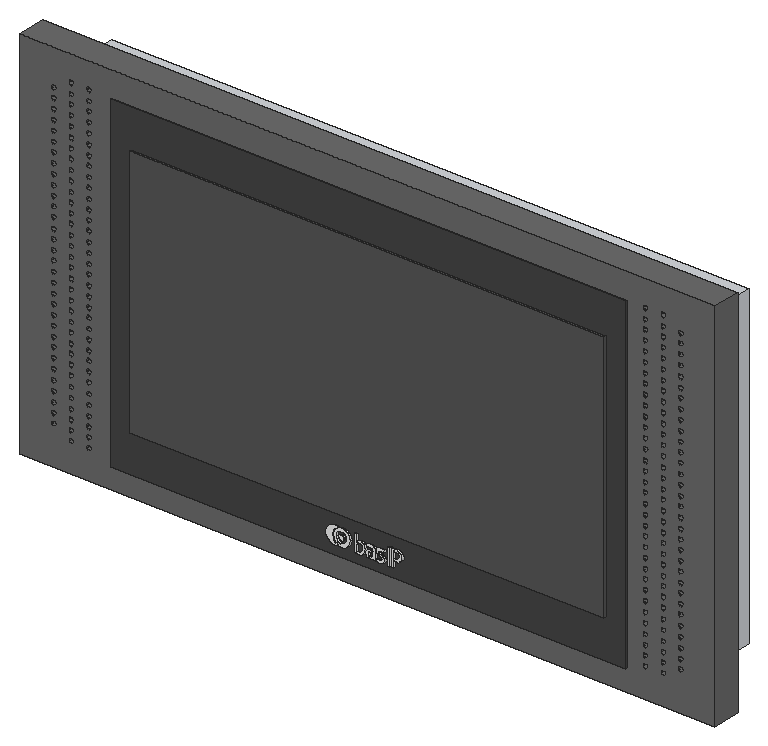
Revit family "BAS-IP_Видеодомофон_AT-07L", category Устройства связи, Revit 2019
Family settings
  Сохранять ориентацию аннотаций = Нет
  Размер круглого соединителя = Использовать диаметр
  Тип детали = Нормальный
  На основе рабочей плоскости = Нет
  Всегда вертикально = Да
  При загрузке вырезать с полостями = Нет
  Общий = Нет
  Точка расчета площади = Нет
Parameters (values of type "Черный")
  Цветовое решение = "Черный"
  Цвет логотипа = White
  Цвет = Black silver 2
  УГО_Смещение_Y [instance] = 0 mm
  УГО_Смещение_X [instance] = 0 mm
  Тип установки = "Настенный накладной, врезной (кронштейны в комплекте)"
  Зона обслуживания [instance] = no
  Дисплей = "7” IPS LCD, сенсорный емкостный"
  Встроенная камера = "Нет"
  Габаритные размеры = "236 x 128 x 26,5 мм"
  Питание = "PoE, +12 В"
  Потребление питания = "6 Вт, в режиме ожидания - 2,5 Вт"
  Изготовитель = "BAS-IP"  # constant formula
  Разрешение экрана = "1024 x 600"
  Корпус = "Алюминий"
  ADSK_Размер_Смещение от уровня [instance] = 1000 mm
  ADSK_Примечание [instance] = ""
  ADSK_Позиция [instance] = ""
  ADSK_Наименование = "IP видеодомофон"
  ADSK_Материал = Black silver
  ADSK_Марка = "AT-07L Black"
  ADSK_Количество = 1  # constant formula
  ADSK_Код изделия = ""
  ADSK_Завод-изготовитель = "BAS-IP"  # constant formula
  ADSK_Единица измерения = "шт."  # constant formula
Types (2, lengths in mm): name | Цветовое решение | Цвет логотипа | Цвет | ADSK_Материал | ADSK_Марка
  Белый | "Белый" | Black | White | Silver | "AT-07L White"
  Черный | "Черный" | White | Black silver 2 | Black silver | "AT-07L Black"
Reference planes
  plane 1 "По центру (Вперед/Назад)": y = 0
  plane 2: z = 0
  plane 3 "По центру (Влево/Вправо)": x = 0
  plane 4: x = 94.477
  plane 5: z = 1000
  plane 6: x = 94.477
  plane 7: z = 0
  plane 8: x = 0
  plane 9: y = 0
Forms (mm)
  Extrusion 1, solid, detail levels medium+fine
    sketch origin (0, 0, 1000) x (1, 0, 0) y (0, 0, 1)
      loop
        line (-108, 118) -> (-108, 10) -> (108.034, 10) -> (108.034, 118) -> (-108, 118)
    from -17 to 0
  Extrusion 2, solid, material "Black silver" <- "ADSK_Материал", detail levels medium+fine
    sketch origin (0, 0.5, 1000) x (1, 0, 0) y (0, 0, 1)
      loop
        line (-118, 128) -> (-118, 0) -> (118, 0) -> (118, 128) -> (-118, 128)
    from 0.5 to 10
  Extrusion 3, void, detail levels fine
    sketch origin (0, 0, 1000) x (1, 0, 0) y (0, 0, 1)
      loop
        circle (-106.465, 115.719) r 0.8
      loop
        circle (-106.465, 112.569) r 0.8
      loop
        circle (-106.465, 109.212) r 0.8
      loop
        circle (-106.465, 105.856) r 0.8
      loop
        circle (-106.465, 102.5) r 0.8
      loop
        circle (-106.465, 99.144) r 0.8
      loop
        circle (-106.465, 96.014) r 0.8
      loop
        circle (-106.465, 92.611) r 0.8
      loop
        circle (-106.465, 89.321) r 0.8
      loop
        circle (-106.465, 85.919) r 0.8
      loop
        circle (-106.465, 82.667) r 0.8
      loop
        circle (-106.465, 79.453) r 0.8
      loop
        circle (-106.465, 76.277) r 0.8
      loop
        circle (-106.465, 72.723) r 0.8
      loop
        circle (-106.465, 69.509) r 0.8
      loop
        circle (-106.465, 66.144) r 0.8
      loop
        circle (-106.465, 63.006) r 0.8
      loop
        circle (-106.465, 59.603) r 0.8
      loop
        circle (-106.465, 56.238) r 0.8
      loop
        circle (-106.465, 52.911) r 0.8
      loop
        circle (-106.465, 49.773) r 0.8
      loop
        circle (-106.465, 46.408) r 0.8
      loop
        circle (-106.465, 43.179) r 0.8
      loop
        circle (-106.465, 39.785) r 0.8
      loop
        circle (-106.465, 36.694) r 0.8
      loop
        circle (-106.465, 33.408) r 0.8
      loop
        circle (-106.465, 30.101) r 0.8
      loop
        circle (-106.465, 26.62) r 0.8
      loop
        circle (-106.465, 23.291) r 0.8
      loop
        circle (-106.465, 19.897) r 0.8
      loop
        circle (-106.465, 16.655) r 0.8
      loop
        circle (-106.465, 13.459) r 0.8
      loop
        circle (-100.559, 115.719) r 0.8
      loop
        circle (-100.559, 112.569) r 0.8
      loop
        circle (-100.559, 109.212) r 0.8
      loop
        circle (-100.559, 105.856) r 0.8
      loop
        circle (-100.559, 102.5) r 0.8
      loop
        circle (-100.559, 99.144) r 0.8
      loop
        circle (-100.559, 96.014) r 0.8
      loop
        circle (-100.559, 92.611) r 0.8
      loop
        circle (-100.559, 89.321) r 0.8
      loop
        circle (-100.559, 85.919) r 0.8
      loop
        circle (-100.559, 82.667) r 0.8
      loop
        circle (-100.559, 79.453) r 0.8
      loop
        circle (-100.559, 76.277) r 0.8
      loop
        circle (-100.559, 72.723) r 0.8
      loop
        circle (-100.559, 69.509) r 0.8
      loop
        circle (-100.559, 66.144) r 0.8
      loop
        circle (-100.559, 63.006) r 0.8
      loop
        circle (-100.559, 59.603) r 0.8
      loop
        circle (-100.559, 56.238) r 0.8
      loop
        circle (-100.559, 52.911) r 0.8
      loop
        circle (-100.559, 49.773) r 0.8
      loop
        circle (-100.559, 46.408) r 0.8
      loop
        circle (-100.559, 43.179) r 0.8
      loop
        circle (-100.559, 39.785) r 0.8
      loop
        circle (-100.559, 36.694) r 0.8
      loop
        circle (-100.559, 33.408) r 0.8
      loop
        circle (-100.559, 30.101) r 0.8
      loop
        circle (-100.559, 26.62) r 0.8
      loop
        circle (-100.559, 23.291) r 0.8
      loop
        circle (-100.559, 19.897) r 0.8
      loop
        circle (-100.559, 16.655) r 0.8
      loop
        circle (-100.559, 13.459) r 0.8
      loop
        circle (-94.477, 115.719) r 0.8
      loop
        circle (-94.477, 112.569) r 0.8
      loop
        circle (-94.477, 109.212) r 0.8
      loop
        circle (-94.477, 105.856) r 0.8
      loop
        circle (-94.477, 102.5) r 0.8
      loop
        circle (-94.477, 99.144) r 0.8
      loop
        circle (-94.477, 96.014) r 0.8
      loop
        circle (-94.477, 92.611) r 0.8
      loop
        circle (-94.477, 89.321) r 0.8
      loop
        circle (-94.477, 85.919) r 0.8
      loop
        circle (-94.477, 82.667) r 0.8
      loop
        circle (-94.477, 79.453) r 0.8
      loop
        circle (-94.477, 76.277) r 0.8
      loop
        circle (-94.477, 72.723) r 0.8
      loop
        circle (-94.477, 69.509) r 0.8
      loop
        circle (-94.477, 66.144) r 0.8
      loop
        circle (-94.477, 63.006) r 0.8
      loop
        circle (-94.477, 59.603) r 0.8
      loop
        circle (-94.477, 56.238) r 0.8
      loop
        circle (-94.477, 52.911) r 0.8
      loop
        circle (-94.477, 49.773) r 0.8
      loop
        circle (-94.477, 46.408) r 0.8
      loop
        circle (-94.477, 43.179) r 0.8
      loop
        circle (-94.477, 39.785) r 0.8
      loop
        circle (-94.477, 36.694) r 0.8
      loop
        circle (-94.477, 33.408) r 0.8
      loop
        circle (-94.477, 30.101) r 0.8
      loop
        circle (-94.477, 26.62) r 0.8
      loop
        circle (-94.477, 19.897) r 0.8
      loop
        circle (-94.477, 16.655) r 0.8
      loop
        circle (-94.477, 13.459) r 0.8
      loop
        circle (-100.559, 119.2) r 0.8
      loop
        circle (-94.477, 119.2) r 0.8
      loop
        circle (-100.559, 10.212) r 0.8
      loop
        circle (-94.477, 10.212) r 0.8
      loop
        circle (106.465, 115.719) r 0.8
      loop
        circle (106.465, 112.569) r 0.8
      loop
        circle (106.465, 109.212) r 0.8
      loop
        circle (106.465, 105.856) r 0.8
      loop
        circle (106.465, 102.5) r 0.8
      loop
        circle (106.465, 99.144) r 0.8
      loop
        circle (106.465, 96.014) r 0.8
      loop
        circle (106.465, 92.611) r 0.8
      loop
        circle (106.465, 89.321) r 0.8
      loop
        circle (106.465, 85.919) r 0.8
      loop
        circle (106.465, 82.667) r 0.8
      loop
        circle (106.465, 79.453) r 0.8
      loop
        circle (106.465, 76.277) r 0.8
      loop
        circle (106.465, 72.723) r 0.8
      loop
        circle (106.465, 69.509) r 0.8
      loop
        circle (106.465, 66.144) r 0.8
      loop
        circle (106.465, 63.006) r 0.8
      loop
        circle (106.465, 59.603) r 0.8
      loop
        circle (106.465, 56.238) r 0.8
      loop
        circle (106.465, 52.911) r 0.8
      loop
        circle (106.465, 49.773) r 0.8
      loop
        circle (106.465, 46.408) r 0.8
      loop
        circle (106.465, 43.179) r 0.8
      loop
        circle (106.465, 39.785) r 0.8
      loop
        circle (106.465, 36.694) r 0.8
      loop
        circle (106.465, 33.408) r 0.8
      loop
        circle (106.465, 30.101) r 0.8
      loop
        circle (106.465, 26.62) r 0.8
      loop
        circle (106.465, 23.291) r 0.8
      loop
        circle (106.465, 19.897) r 0.8
      loop
        circle (106.465, 16.655) r 0.8
      loop
        circle (106.465, 13.459) r 0.8
      loop
        circle (100.559, 115.719) r 0.8
      loop
        circle (100.559, 112.569) r 0.8
      loop
        circle (100.559, 76.277) r 0.8
      loop
        circle (100.559, 72.723) r 0.8
      loop
        circle (100.559, 69.509) r 0.8
      loop
        circle (100.559, 66.144) r 0.8
      loop
        circle (100.559, 63.006) r 0.8
      loop
        circle (100.559, 59.603) r 0.8
      loop
        circle (100.559, 56.238) r 0.8
      loop
        circle (100.559, 52.911) r 0.8
      loop
        circle (100.559, 49.773) r 0.8
      loop
        circle (100.559, 46.408) r 0.8
      loop
        circle (100.559, 43.179) r 0.8
      loop
        circle (100.559, 39.785) r 0.8
      loop
        circle (100.559, 36.694) r 0.8
      loop
        circle (100.559, 33.408) r 0.8
      loop
        circle (100.559, 30.101) r 0.8
      loop
        circle (100.559, 26.62) r 0.8
      loop
        circle (100.559, 23.291) r 0.8
      loop
        circle (100.559, 19.897) r 0.8
      loop
        circle (100.559, 16.655) r 0.8
      loop
        circle (100.559, 13.459) r 0.8
      loop
        circle (94.477, 115.719) r 0.8
      loop
        circle (94.477, 112.569) r 0.8
      loop
        circle (94.477, 76.277) r 0.8
      loop
        circle (94.477, 72.723) r 0.8
      loop
        circle (94.477, 69.509) r 0.8
      loop
        circle (94.477, 66.144) r 0.8
      loop
        circle (94.477, 63.006) r 0.8
      loop
        circle (94.477, 59.603) r 0.8
      loop
        circle (94.477, 56.238) r 0.8
      loop
        circle (94.477, 52.911) r 0.8
      loop
        circle (94.477, 49.773) r 0.8
      loop
        circle (94.477, 46.408) r 0.8
      loop
        circle (94.477, 43.179) r 0.8
      loop
        circle (94.477, 39.785) r 0.8
      loop
        circle (94.477, 36.694) r 0.8
      loop
        circle (94.477, 33.408) r 0.8
      loop
        circle (94.477, 30.101) r 0.8
      loop
        circle (94.477, 26.62) r 0.8
      loop
        circle (94.477, 19.897) r 0.8
      loop
        circle (94.477, 16.655) r 0.8
      loop
        circle (94.477, 13.459) r 0.8
      loop
        circle (100.559, 119.2) r 0.8
      loop
        circle (94.477, 119.2) r 0.8
      loop
        circle (100.559, 10.212) r 0.8
      loop
        circle (94.477, 10.212) r 0.8
      loop
        circle (94.477, 23.291) r 0.8
    from 5.977 to 9.5
  Extrusion 4, void, detail levels fine
    sketch origin (0, 0, 1000) x (1, 0, 0) y (0, 0, 1)
      loop
        circle (-94.482, 23.291) r 0.8
    from 0 to 10.5
  Extrusion 5, void, detail levels fine
    sketch origin (0, 0, 1000) x (1, 0, 0) y (0, 0, 1)
      loop
        circle (100.559, 109.337) r 0.8
      loop
        circle (100.559, 105.981) r 0.8
      loop
        circle (100.559, 102.625) r 0.8
      loop
        circle (100.559, 99.269) r 0.8
      loop
        circle (100.559, 96.139) r 0.8
      loop
        circle (100.559, 92.736) r 0.8
      loop
        circle (100.559, 89.446) r 0.8
      loop
        circle (100.559, 86.044) r 0.8
      loop
        circle (100.559, 82.792) r 0.8
      loop
        circle (100.559, 79.578) r 0.8
      loop
        circle (94.477, 109.337) r 0.8
      loop
        circle (94.477, 105.981) r 0.8
      loop
        circle (94.477, 102.625) r 0.8
      loop
        circle (94.477, 99.269) r 0.8
      loop
        circle (94.477, 96.139) r 0.8
      loop
        circle (94.477, 92.736) r 0.8
      loop
        circle (94.477, 89.446) r 0.8
      loop
        circle (94.477, 86.044) r 0.8
      loop
        circle (94.477, 82.792) r 0.8
      loop
        circle (94.477, 79.578) r 0.8
    from 0 to 10.5
  Extrusion 6, solid, material "Black", detail levels medium+fine
    sketch origin (0, 1, 1000) x (1, 0, 0) y (0, 0, 1)
      loop
        line (-79.926, 106.25) -> (-79.926, 20.5) -> (81.074, 20.5) -> (81.074, 106.25) -> (-79.926, 106.25)
    from 10.5 to 11.5
  Extrusion 7, solid, material "Black silver 2" <- "Цвет", detail levels fine
    sketch origin (0, 1.5, 1000) x (1, 0, 0) y (0, 0, 1)
      loop
        line (-86.926, 119.27) -> (-86.926, 7.38) -> (88.074, 7.38) -> (88.074, 119.27) -> (-86.926, 119.27)
    from 10.5 to 11.5
  Extrusion 8, solid, not visible, detail levels medium+fine
    sketch origin (0, 0, 0) x (1, 0, 0) y (0, 0, 1)
      loop
        line (-108, 118) -> (-108, 10) -> (108.034, 10) -> (108.034, 118) -> (-108, 118)
    from -17 to 0
  Extrusion 9, solid, material "Black silver" <- "ADSK_Материал", not visible, detail levels medium+fine
    sketch origin (0, 0.5, 0) x (1, 0, 0) y (0, 0, 1)
      loop
        line (-118, 128) -> (-118, 0) -> (118, 0) -> (118, 128) -> (-118, 128)
    from 0.5 to 10
  Extrusion 10, void, not visible, detail levels fine
    sketch origin (0, 0, 0) x (1, 0, 0) y (0, 0, 1)
      loop
        circle (-106.465, 115.719) r 0.8
      loop
        circle (-106.465, 112.569) r 0.8
      loop
        circle (-106.465, 109.212) r 0.8
      loop
        circle (-106.465, 105.856) r 0.8
      loop
        circle (-106.465, 102.5) r 0.8
      loop
        circle (-106.465, 99.144) r 0.8
      loop
        circle (-106.465, 96.014) r 0.8
      loop
        circle (-106.465, 92.611) r 0.8
      loop
        circle (-106.465, 89.321) r 0.8
      loop
        circle (-106.465, 85.919) r 0.8
      loop
        circle (-106.465, 82.667) r 0.8
      loop
        circle (-106.465, 79.453) r 0.8
      loop
        circle (-106.465, 76.277) r 0.8
      loop
        circle (-106.465, 72.723) r 0.8
      loop
        circle (-106.465, 69.509) r 0.8
      loop
        circle (-106.465, 66.144) r 0.8
      loop
        circle (-106.465, 63.006) r 0.8
      loop
        circle (-106.465, 59.603) r 0.8
      loop
        circle (-106.465, 56.238) r 0.8
      loop
        circle (-106.465, 52.911) r 0.8
      loop
        circle (-106.465, 49.773) r 0.8
      loop
        circle (-106.465, 46.408) r 0.8
      loop
        circle (-106.465, 43.179) r 0.8
      loop
        circle (-106.465, 39.785) r 0.8
      loop
        circle (-106.465, 36.694) r 0.8
      loop
        circle (-106.465, 33.408) r 0.8
      loop
        circle (-106.465, 30.101) r 0.8
      loop
        circle (-106.465, 26.62) r 0.8
      loop
        circle (-106.465, 23.291) r 0.8
      loop
        circle (-106.465, 19.897) r 0.8
      loop
        circle (-106.465, 16.655) r 0.8
      loop
        circle (-106.465, 13.459) r 0.8
      loop
        circle (-100.559, 115.719) r 0.8
      loop
        circle (-100.559, 112.569) r 0.8
      loop
        circle (-100.559, 109.212) r 0.8
      loop
        circle (-100.559, 105.856) r 0.8
      loop
        circle (-100.559, 102.5) r 0.8
      loop
        circle (-100.559, 99.144) r 0.8
      loop
        circle (-100.559, 96.014) r 0.8
      loop
        circle (-100.559, 92.611) r 0.8
      loop
        circle (-100.559, 89.321) r 0.8
      loop
        circle (-100.559, 85.919) r 0.8
      loop
        circle (-100.559, 82.667) r 0.8
      loop
        circle (-100.559, 79.453) r 0.8
      loop
        circle (-100.559, 76.277) r 0.8
      loop
        circle (-100.559, 72.723) r 0.8
      loop
        circle (-100.559, 69.509) r 0.8
      loop
        circle (-100.559, 66.144) r 0.8
      loop
        circle (-100.559, 63.006) r 0.8
      loop
        circle (-100.559, 59.603) r 0.8
      loop
        circle (-100.559, 56.238) r 0.8
      loop
        circle (-100.559, 52.911) r 0.8
      loop
        circle (-100.559, 49.773) r 0.8
      loop
        circle (-100.559, 46.408) r 0.8
      loop
        circle (-100.559, 43.179) r 0.8
      loop
        circle (-100.559, 39.785) r 0.8
      loop
        circle (-100.559, 36.694) r 0.8
      loop
        circle (-100.559, 33.408) r 0.8
      loop
        circle (-100.559, 30.101) r 0.8
      loop
        circle (-100.559, 26.62) r 0.8
      loop
        circle (-100.559, 23.291) r 0.8
      loop
        circle (-100.559, 19.897) r 0.8
      loop
        circle (-100.559, 16.655) r 0.8
      loop
        circle (-100.559, 13.459) r 0.8
      loop
        circle (-94.477, 115.719) r 0.8
      loop
        circle (-94.477, 112.569) r 0.8
      loop
        circle (-94.477, 109.212) r 0.8
      loop
        circle (-94.477, 105.856) r 0.8
      loop
        circle (-94.477, 102.5) r 0.8
      loop
        circle (-94.477, 99.144) r 0.8
      loop
        circle (-94.477, 96.014) r 0.8
      loop
        circle (-94.477, 92.611) r 0.8
      loop
        circle (-94.477, 89.321) r 0.8
      loop
        circle (-94.477, 85.919) r 0.8
      loop
        circle (-94.477, 82.667) r 0.8
      loop
        circle (-94.477, 79.453) r 0.8
      loop
        circle (-94.477, 76.277) r 0.8
      loop
        circle (-94.477, 72.723) r 0.8
      loop
        circle (-94.477, 69.509) r 0.8
      loop
        circle (-94.477, 66.144) r 0.8
      loop
        circle (-94.477, 63.006) r 0.8
      loop
        circle (-94.477, 59.603) r 0.8
      loop
        circle (-94.477, 56.238) r 0.8
      loop
        circle (-94.477, 52.911) r 0.8
      loop
        circle (-94.477, 49.773) r 0.8
      loop
        circle (-94.477, 46.408) r 0.8
      loop
        circle (-94.477, 43.179) r 0.8
      loop
        circle (-94.477, 39.785) r 0.8
      loop
        circle (-94.477, 36.694) r 0.8
      loop
        circle (-94.477, 33.408) r 0.8
      loop
        circle (-94.477, 30.101) r 0.8
      loop
        circle (-94.477, 26.62) r 0.8
      loop
        circle (-94.477, 19.897) r 0.8
      loop
        circle (-94.477, 16.655) r 0.8
      loop
        circle (-94.477, 13.459) r 0.8
      loop
        circle (-100.559, 119.2) r 0.8
      loop
        circle (-94.477, 119.2) r 0.8
      loop
        circle (-100.559, 10.212) r 0.8
      loop
        circle (-94.477, 10.212) r 0.8
      loop
        circle (106.465, 115.719) r 0.8
      loop
        circle (106.465, 112.569) r 0.8
      loop
        circle (106.465, 109.212) r 0.8
      loop
        circle (106.465, 105.856) r 0.8
      loop
        circle (106.465, 102.5) r 0.8
      loop
        circle (106.465, 99.144) r 0.8
      loop
        circle (106.465, 96.014) r 0.8
      loop
        circle (106.465, 92.611) r 0.8
      loop
        circle (106.465, 89.321) r 0.8
      loop
        circle (106.465, 85.919) r 0.8
      loop
        circle (106.465, 82.667) r 0.8
      loop
        circle (106.465, 79.453) r 0.8
      loop
        circle (106.465, 76.277) r 0.8
      loop
        circle (106.465, 72.723) r 0.8
      loop
        circle (106.465, 69.509) r 0.8
      loop
        circle (106.465, 66.144) r 0.8
      loop
        circle (106.465, 63.006) r 0.8
      loop
        circle (106.465, 59.603) r 0.8
      loop
        circle (106.465, 56.238) r 0.8
      loop
        circle (106.465, 52.911) r 0.8
      loop
        circle (106.465, 49.773) r 0.8
      loop
        circle (106.465, 46.408) r 0.8
      loop
        circle (106.465, 43.179) r 0.8
      loop
        circle (106.465, 39.785) r 0.8
      loop
        circle (106.465, 36.694) r 0.8
      loop
        circle (106.465, 33.408) r 0.8
      loop
        circle (106.465, 30.101) r 0.8
      loop
        circle (106.465, 26.62) r 0.8
      loop
        circle (106.465, 23.291) r 0.8
      loop
        circle (106.465, 19.897) r 0.8
      loop
        circle (106.465, 16.655) r 0.8
      loop
        circle (106.465, 13.459) r 0.8
      loop
        circle (100.559, 115.719) r 0.8
      loop
        circle (100.559, 112.569) r 0.8
      loop
        circle (100.559, 76.277) r 0.8
      loop
        circle (100.559, 72.723) r 0.8
      loop
        circle (100.559, 69.509) r 0.8
      loop
        circle (100.559, 66.144) r 0.8
      loop
        circle (100.559, 63.006) r 0.8
      loop
        circle (100.559, 59.603) r 0.8
      loop
        circle (100.559, 56.238) r 0.8
      loop
        circle (100.559, 52.911) r 0.8
      loop
        circle (100.559, 49.773) r 0.8
      loop
        circle (100.559, 46.408) r 0.8
      loop
        circle (100.559, 43.179) r 0.8
      loop
        circle (100.559, 39.785) r 0.8
      loop
        circle (100.559, 36.694) r 0.8
      loop
        circle (100.559, 33.408) r 0.8
      loop
        circle (100.559, 30.101) r 0.8
      loop
        circle (100.559, 26.62) r 0.8
      loop
        circle (100.559, 23.291) r 0.8
      loop
        circle (100.559, 19.897) r 0.8
      loop
        circle (100.559, 16.655) r 0.8
      loop
        circle (100.559, 13.459) r 0.8
      loop
        circle (94.477, 115.719) r 0.8
      loop
        circle (94.477, 112.569) r 0.8
      loop
        circle (94.477, 76.277) r 0.8
      loop
        circle (94.477, 72.723) r 0.8
      loop
        circle (94.477, 69.509) r 0.8
      loop
        circle (94.477, 66.144) r 0.8
      loop
        circle (94.477, 63.006) r 0.8
      loop
        circle (94.477, 59.603) r 0.8
      loop
        circle (94.477, 56.238) r 0.8
      loop
        circle (94.477, 52.911) r 0.8
      loop
        circle (94.477, 49.773) r 0.8
      loop
        circle (94.477, 46.408) r 0.8
      loop
        circle (94.477, 43.179) r 0.8
      loop
        circle (94.477, 39.785) r 0.8
      loop
        circle (94.477, 36.694) r 0.8
      loop
        circle (94.477, 33.408) r 0.8
      loop
        circle (94.477, 30.101) r 0.8
      loop
        circle (94.477, 26.62) r 0.8
      loop
        circle (94.477, 19.897) r 0.8
      loop
        circle (94.477, 16.655) r 0.8
      loop
        circle (94.477, 13.459) r 0.8
      loop
        circle (100.559, 119.2) r 0.8
      loop
        circle (94.477, 119.2) r 0.8
      loop
        circle (100.559, 10.212) r 0.8
      loop
        circle (94.477, 10.212) r 0.8
      loop
        circle (94.477, 23.291) r 0.8
    from 5.977 to 9.5
  Extrusion 11, void, not visible, detail levels fine
    sketch origin (0, 0, 0) x (1, 0, 0) y (0, 0, 1)
      loop
        circle (-94.482, 23.291) r 0.8
    from 0 to 10.5
  Extrusion 12, void, not visible, detail levels fine
    sketch origin (0, 0, 0) x (1, 0, 0) y (0, 0, 1)
      loop
        circle (100.559, 109.337) r 0.8
      loop
        circle (100.559, 105.981) r 0.8
      loop
        circle (100.559, 102.625) r 0.8
      loop
        circle (100.559, 99.269) r 0.8
      loop
        circle (100.559, 96.139) r 0.8
      loop
        circle (100.559, 92.736) r 0.8
      loop
        circle (100.559, 89.446) r 0.8
      loop
        circle (100.559, 86.044) r 0.8
      loop
        circle (100.559, 82.792) r 0.8
      loop
        circle (100.559, 79.578) r 0.8
      loop
        circle (94.477, 109.337) r 0.8
      loop
        circle (94.477, 105.981) r 0.8
      loop
        circle (94.477, 102.625) r 0.8
      loop
        circle (94.477, 99.269) r 0.8
      loop
        circle (94.477, 96.139) r 0.8
      loop
        circle (94.477, 92.736) r 0.8
      loop
        circle (94.477, 89.446) r 0.8
      loop
        circle (94.477, 86.044) r 0.8
      loop
        circle (94.477, 82.792) r 0.8
      loop
        circle (94.477, 79.578) r 0.8
    from 0 to 10.5
  Extrusion 13, solid, material "Black", not visible, detail levels medium+fine
    sketch origin (0, 1, 0) x (1, 0, 0) y (0, 0, 1)
      loop
        line (-79.926, 106.25) -> (-79.926, 20.5) -> (81.074, 20.5) -> (81.074, 106.25) -> (-79.926, 106.25)
    from 10.5 to 11.5
  Extrusion 14, solid, material "Black silver 2" <- "Цвет", not visible, detail levels fine
    sketch origin (0, 1.5, 0) x (1, 0, 0) y (0, 0, 1)
      loop
        line (-86.926, 119.27) -> (-86.926, 7.38) -> (88.074, 7.38) -> (88.074, 119.27) -> (-86.926, 119.27)
    from 10.5 to 11.5
Cuts and joins
  Extrusion 3, Extrusion 4, Extrusion 5 cuts Extrusion 2
Dimensions and locks
  "ADSK_Размер_Смещение от уровня": plane 5 to plane 2
  "УГО_Смещение_X": plane 3 "По центру (Влево/Вправо)" to plane 8
  "УГО_Смещение_Y": plane 9 to plane 1 "По центру (Вперед/Назад)"
  aligned and locked: level to plane 2
  aligned and locked: cut or joined group of Extrusion 2, Extrusion 3, Extrusion 4, Extrusion 5 to plane 5
  aligned and locked: plane 8 to nested 5
  aligned and locked: nested 5 to plane 9
Automatic sketch dimensions
  Extrusion 1 sketch curve to Extrusion 1 sketch curve = 108 mm
  Extrusion 3 sketch curve to Extrusion 3 sketch curve = 0 mm  (x175)
  Extrusion 3 sketch curve to Extrusion 3 sketch curve = 5.906 mm  (x2)
  Extrusion 3 sketch curve to Extrusion 3 sketch curve = 6.082 mm  (x6)
  Extrusion 3 sketch curve to Extrusion 3 sketch curve = 3.394 mm  (x11)
  Extrusion 3 sketch curve to Extrusion 3 sketch curve = 3.243 mm  (x6)
  Extrusion 3 sketch curve to Extrusion 3 sketch curve = 3.195 mm  (x6)
  Extrusion 3 sketch curve to Extrusion 3 sketch curve = 3.247 mm  (x4)
  Extrusion 3 sketch curve to Extrusion 3 sketch curve = 3.329 mm  (x5)
  Extrusion 3 sketch curve to Extrusion 3 sketch curve = 6.723 mm
  Extrusion 3 sketch curve to Extrusion 3 sketch curve = 3.48 mm  (x6)
  Extrusion 3 sketch curve to Extrusion 3 sketch curve = 3.307 mm  (x6)
  Extrusion 3 sketch curve to Extrusion 3 sketch curve = 3.286 mm  (x6)
  Extrusion 3 sketch curve to Extrusion 3 sketch curve = 3.091 mm  (x6)
  Extrusion 3 sketch curve to Extrusion 3 sketch curve = 3.229 mm  (x6)
  Extrusion 3 sketch curve to Extrusion 3 sketch curve = 3.365 mm  (x18)
  Extrusion 3 sketch curve to Extrusion 3 sketch curve = 3.138 mm  (x12)
  Extrusion 3 sketch curve to Extrusion 3 sketch curve = 3.327 mm  (x6)
  Extrusion 3 sketch curve to Extrusion 3 sketch curve = 3.403 mm  (x14)
  Extrusion 3 sketch curve to Extrusion 3 sketch curve = 3.214 mm  (x10)
  Extrusion 3 sketch curve to Extrusion 3 sketch curve = 3.554 mm  (x6)
  Extrusion 3 sketch curve to Extrusion 3 sketch curve = 3.176 mm  (x4)
  Extrusion 3 sketch curve to Extrusion 3 sketch curve = 3.252 mm  (x4)
  Extrusion 3 sketch curve to Extrusion 3 sketch curve = 3.289 mm  (x4)
  Extrusion 3 sketch curve to Extrusion 3 sketch curve = 3.13 mm  (x4)
  Extrusion 3 sketch curve to Extrusion 3 sketch curve = 3.356 mm  (x17)
  Extrusion 3 sketch curve to Extrusion 3 sketch curve = 3.151 mm  (x6)
  Extrusion 3 sketch curve to Extrusion 3 sketch curve = 3.481 mm  (x4)
  Extrusion 5 sketch curve to plane 4 = 0 mm  (x10)
  Extrusion 5 sketch curve to Extrusion 5 sketch curve = 6.082 mm
  Extrusion 5 sketch curve to Extrusion 5 sketch curve = 0 mm  (x10)
  Extrusion 5 sketch curve to Extrusion 5 sketch curve = 3.214 mm  (x2)
  Extrusion 5 sketch curve to Extrusion 5 sketch curve = 3.252 mm  (x2)
  Extrusion 5 sketch curve to Extrusion 5 sketch curve = 3.403 mm  (x4)
  Extrusion 5 sketch curve to Extrusion 5 sketch curve = 3.289 mm  (x2)
  Extrusion 5 sketch curve to Extrusion 5 sketch curve = 3.13 mm  (x2)
  Extrusion 5 sketch curve to Extrusion 5 sketch curve = 3.356 mm  (x6)
  Extrusion 6 sketch curve to Extrusion 6 sketch curve = 85.75 mm
  Extrusion 7 sketch curve to Extrusion 7 sketch curve = 111.89 mm
  Extrusion 1 sketch curve to Extrusion 1 sketch curve = 216.034 mm
  Extrusion 2 sketch curve to Extrusion 2 sketch curve = 236 mm
  Extrusion 2 sketch curve to Extrusion 2 sketch curve = 128 mm
  Extrusion 3 sketch curve to Extrusion 3 sketch curve = 188.953 mm
  Extrusion 6 sketch curve to Extrusion 6 sketch curve = 161 mm
  Extrusion 7 sketch curve to Extrusion 7 sketch curve = 175 mm
  Extrusion 8 sketch curve to Extrusion 8 sketch curve = 108 mm
  Extrusion 10 sketch curve to Extrusion 10 sketch curve = 0 mm  (x175)
  Extrusion 10 sketch curve to Extrusion 10 sketch curve = 5.906 mm  (x2)
  Extrusion 10 sketch curve to Extrusion 10 sketch curve = 6.082 mm  (x6)
  Extrusion 10 sketch curve to Extrusion 10 sketch curve = 3.394 mm  (x11)
  Extrusion 10 sketch curve to Extrusion 10 sketch curve = 3.243 mm  (x6)
  Extrusion 10 sketch curve to Extrusion 10 sketch curve = 3.195 mm  (x6)
  Extrusion 10 sketch curve to Extrusion 10 sketch curve = 3.247 mm  (x4)
  Extrusion 10 sketch curve to Extrusion 10 sketch curve = 3.329 mm  (x5)
  Extrusion 10 sketch curve to Extrusion 10 sketch curve = 6.723 mm
  Extrusion 10 sketch curve to Extrusion 10 sketch curve = 3.48 mm  (x6)
  Extrusion 10 sketch curve to Extrusion 10 sketch curve = 3.307 mm  (x6)
  Extrusion 10 sketch curve to Extrusion 10 sketch curve = 3.286 mm  (x6)
  Extrusion 10 sketch curve to Extrusion 10 sketch curve = 3.091 mm  (x6)
  Extrusion 10 sketch curve to Extrusion 10 sketch curve = 3.229 mm  (x6)
  Extrusion 10 sketch curve to Extrusion 10 sketch curve = 3.365 mm  (x18)
  Extrusion 10 sketch curve to Extrusion 10 sketch curve = 3.138 mm  (x12)
  Extrusion 10 sketch curve to Extrusion 10 sketch curve = 3.327 mm  (x6)
  Extrusion 10 sketch curve to Extrusion 10 sketch curve = 3.403 mm  (x14)
  Extrusion 10 sketch curve to Extrusion 10 sketch curve = 3.214 mm  (x10)
  Extrusion 10 sketch curve to Extrusion 10 sketch curve = 3.554 mm  (x6)
  Extrusion 10 sketch curve to Extrusion 10 sketch curve = 3.176 mm  (x4)
  Extrusion 10 sketch curve to Extrusion 10 sketch curve = 3.252 mm  (x4)
  Extrusion 10 sketch curve to Extrusion 10 sketch curve = 3.289 mm  (x4)
  Extrusion 10 sketch curve to Extrusion 10 sketch curve = 3.13 mm  (x4)
  Extrusion 10 sketch curve to Extrusion 10 sketch curve = 3.356 mm  (x17)
  Extrusion 10 sketch curve to Extrusion 10 sketch curve = 3.151 mm  (x6)
  Extrusion 10 sketch curve to Extrusion 10 sketch curve = 3.481 mm  (x4)
  Extrusion 12 sketch curve to plane 6 = 0 mm  (x10)
  Extrusion 12 sketch curve to Extrusion 12 sketch curve = 6.082 mm
  Extrusion 12 sketch curve to Extrusion 12 sketch curve = 0 mm  (x10)
  Extrusion 12 sketch curve to Extrusion 12 sketch curve = 3.214 mm  (x2)
  Extrusion 12 sketch curve to Extrusion 12 sketch curve = 3.252 mm  (x2)
  Extrusion 12 sketch curve to Extrusion 12 sketch curve = 3.403 mm  (x4)
  Extrusion 12 sketch curve to Extrusion 12 sketch curve = 3.289 mm  (x2)
  Extrusion 12 sketch curve to Extrusion 12 sketch curve = 3.13 mm  (x2)
  Extrusion 12 sketch curve to Extrusion 12 sketch curve = 3.356 mm  (x6)
  Extrusion 13 sketch curve to Extrusion 13 sketch curve = 85.75 mm
  Extrusion 14 sketch curve to Extrusion 14 sketch curve = 111.89 mm
  Extrusion 8 sketch curve to Extrusion 8 sketch curve = 216.034 mm
  Extrusion 9 sketch curve to Extrusion 9 sketch curve = 236 mm
  Extrusion 9 sketch curve to Extrusion 9 sketch curve = 128 mm
  Extrusion 10 sketch curve to Extrusion 10 sketch curve = 188.953 mm
  Extrusion 13 sketch curve to Extrusion 13 sketch curve = 161 mm
  Extrusion 14 sketch curve to Extrusion 14 sketch curve = 175 mm
  radius of Extrusion 3 sketch curve = 0.8 mm  (x179)
  radius of Extrusion 4 sketch curve = 0.8 mm
  radius of Extrusion 5 sketch curve = 0.8 mm  (x20)
  radius of Extrusion 10 sketch curve = 0.8 mm  (x179)
  radius of Extrusion 11 sketch curve = 0.8 mm
  radius of Extrusion 12 sketch curve = 0.8 mm  (x20)
Nested families
  nested 1: "BAS-IP_Logo_S" at (0, -9.5, 1010.625), Материал <- "Цвет логотипа", type "BAS-IP_Logo_S", detail levels fine
    with Материал White
  nested 2: "Зона обслуживания" at (0, 0, 950), visible <- "Зона обслуживания", type "Зона обслуживания", detail levels fine
    with ADSK_Размер_Ширина 336 mm, ADSK_Размер_Высота 228 mm
  nested 3: "BAS-IP_Logo_S" at (0, -9.5, 10.625), Материал <- "Цвет логотипа", type "BAS-IP_Logo_S", not visible, detail levels fine
    with Материал White
  nested 4: "Зона обслуживания" at (0, 0, -50), visible <- "Зона обслуживания", type "Зона обслуживания", not visible, detail levels fine
    with ADSK_Размер_Ширина 336 mm, ADSK_Размер_Высота 228 mm
  nested 5: "УГО_Видеодомофон" at (0, 0, 0), type "УГО_Видеодомофон", detail levels coarse+medium
Connectors
  electrical at (0.017, 8.5, 1010)
    settings: on Extrusion 1, index 1, voltage 0 V, apparent load 0 VA, apparent load phase1 0 VA, apparent load phase2 0 VA, apparent load phase3 0 VA, power factor 1, load classification "Прочее", number of poles 1, system type 12, power factor state 1, is connector primary yes, connector utility no, sub classification motor no, connector description ""
Definition of nested family "BAS-IP_Logo_S"
  Parameters (values of type "BAS-IP_Logo_S")
    Материал [instance] = none
  Reference planes
    plane 1 "По центру (Вперед/Назад)": y = 0
    plane 2: z = 0
    plane 3 "По центру (Влево/Вправо)": x = 0
  Forms (mm)
    Extrusion 1, solid, material <- "Материал"
      sketch origin (-6.577, 0, -7.331) x (1, 0, 0) y (0, 0, 1)
        loop
          circle (-1.452, 10.426) r 2.917
        loop
          circle (-1.452, 10.426) r 1.823
        loop
          circle (-1.452, 10.426) r 0.907
        loop
          line (2.897, 13.369) -> (2.897, 7.626)
          arc (2.897, 7.626) -> (4.378, 7.331) -> (5.829, 7.75) r 3.194
          arc (5.829, 7.75) -> (6.556, 9.353) -> (6.13, 11.061) r 2.674
          arc (6.13, 11.061) -> (4.872, 11.67) -> (3.741, 10.847) r 1.36
          line (3.741, 10.847) -> (3.741, 13.369) -> (2.897, 13.369)
        loop
          line (9.211, 9.975) -> (7.991, 9.975)
          arc (7.991, 9.975) -> (6.849, 8.828) -> (7.615, 7.403) r 1.358
          line (7.615, 7.403) -> (9.943, 7.403)
          spline (9.943, 7.403) -> (10.042, 8.877) -> (10.055, 9.915) -> (9.997, 10.601) -> (9.886, 11.019) -> (9.737, 11.256) -> (9.568, 11.394) -> (9.385, 11.5) -> (9.169, 11.588) -> (8.896, 11.659) -> (8.521, 11.71) -> (7.969, 11.725) -> (7.158, 11.687)
          line (7.158, 11.687) -> (7.158, 10.887) -> (8.571, 10.887)
          arc (8.571, 10.887) -> (9.157, 10.617) -> (9.211, 9.975) r 0.64
        loop
          line (9.25, 9.484) -> (8.048, 9.484)
          arc (8.048, 9.484) -> (7.606, 8.736) -> (8.048, 7.988) r 0.854
          line (8.048, 7.988) -> (9.25, 7.988) -> (9.25, 9.484)
        loop
          line (3.741, 10.21) -> (3.741, 7.988)
          spline (3.741, 7.988) -> (4.72, 8.077) -> (5.267, 8.31) -> (5.573, 8.641) -> (5.734, 9.045) -> (5.806, 9.508) -> (5.807, 9.99) -> (5.705, 10.408) -> (5.485, 10.703) -> (5.195, 10.895) -> (4.844, 10.985) -> (4.33, 10.884) -> (3.741, 10.21)
        loop
          spline (13.018, 11.649) -> (11.419, 11.695) -> (10.875, 11.521) -> (10.489, 11.179) -> (10.305, 10.688) -> (10.406, 10.198) -> (10.752, 9.835) -> (11.372, 9.476) -> (12.029, 9.086) -> (12.384, 8.702) -> (12.37, 8.376) -> (11.859, 8.127) -> (10.354, 8.165)
          line (10.354, 8.165) -> (10.284, 7.368)
          spline (10.284, 7.368) -> (11.866, 7.357) -> (12.634, 7.611) -> (13.056, 8.054) -> (13.185, 8.589) -> (13.044, 9.098) -> (12.719, 9.467) -> (12.225, 9.735) -> (11.625, 10.002) -> (11.161, 10.338) -> (11.097, 10.694) -> (11.676, 10.917) -> (12.949, 10.853)
          line (12.949, 10.853) -> (13.018, 11.649)
        loop
          line (14.214, 13.23) -> (14.214, 7.403) -> (15.003, 7.403) -> (15.003, 13.23) -> (14.214, 13.23)
        loop
          line (15.425, 13.23) -> (15.425, 7.403) -> (16.26, 7.403) -> (16.26, 9.541) -> (17.223, 9.541)
          arc (17.223, 9.541) -> (19.068, 11.385) -> (17.223, 13.23) r 1.844
          line (17.223, 13.23) -> (15.425, 13.23)
        loop
          line (16.26, 10.169) -> (17.186, 10.169)
          arc (17.186, 10.169) -> (18.222, 11.249) -> (17.419, 12.511) r 1.211
          line (17.419, 12.511) -> (16.26, 12.511) -> (16.26, 10.169)
      from 0 to 1
    Extrusion 2, solid, material <- "Материал"
      sketch origin (-0.313, 0, -1.028) x (1, 0, 0) y (0, 0, 1)
        loop
          arc (-8.967, 6.758) -> (-13.134, 4.123) -> (-8.967, 1.487) r 2.917
          arc (-8.967, 1.487) -> (-10.634, 4.123) -> (-8.967, 6.758) r 2.917
      from 0 to 1
  Dimensions and locks
    aligned and locked: level to plane 2
Definition of nested family "Зона обслуживания"
  Parameters (values of type "Семейство1")
    Зона обслуживания = none
    ADSK_Размер_Ширина = 200 mm
    ADSK_Размер_Глубина = 120 mm
    ADSK_Размер_Высота = 250 mm
  Reference planes
    plane 1 "По центру (Вперед/Назад)": y = 0
    plane 2: z = 0
    plane 3 "По центру (Влево/Вправо)": x = 0
  Forms (mm)
    Extrusion 1, solid, material <- "Зона обслуживания"
      sketch origin (0, 0, 0) x (1, 0, 0) y (0, 1, 0)
        loop
          line (-100, 0) -> (-100, -120) -> (100, -120) -> (100, 0) -> (-100, 0)
      from 0 to 250 <- "ADSK_Размер_Высота"
  Dimensions and locks
    "ADSK_Размер_Глубина": Extrusion 1 sketch curve to plane 1 "По центру (Вперед/Назад)"
    equal spacing: Extrusion 1 sketch curve, plane 3 "По центру (Влево/Вправо)", Extrusion 1 sketch curve
    "ADSK_Размер_Ширина": Extrusion 1 sketch curve to Extrusion 1 sketch curve
    aligned and locked: level to plane 2
  Automatic sketch dimensions
    plane 1 "По центру (Вперед/Назад)" to Extrusion 1 sketch curve = 0 mm
Definition of nested family "УГО_Видеодомофон"
  Reference planes
    plane 1: y = 0
    plane 2: x = 0
  Lines and regions (mm)
    detail lines
      curve 1: line (-3.5, -5, 0) -> (-3.5, 0, 0)
      curve 2: line (3.5, -5, 0) -> (-3.5, -5, 0)
      curve 3: line (3.5, 0, 0) -> (3.5, -5, 0)
      curve 4: line (-3.5, 0, 0) -> (3.5, 0, 0)
      curve 5: line (2.949, -0.621, 0) -> (-2, -0.621, 0)
      curve 6: line (2.949, -4.389, 0) -> (2.949, -0.621, 0)
      curve 7: line (-2, -4.389, 0) -> (2.949, -4.389, 0)
      curve 8: line (-2, -0.621, 0) -> (-2, -4.389, 0)
